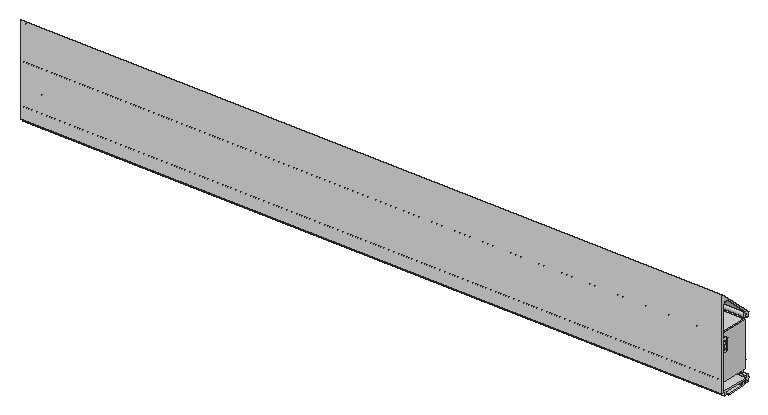
Revit family "Lighting-Current-COVE30", category Lighting Fixtures, host Face, Revit 2019 (continued)
Types in the file's own list only (120): name | Photometric Web File | Length | Emit from Circle Diameter | Default Elevation | Cove | Contact Us | CS | Apparent Load
  30L-CC-AI-4-35K9-I050_Position_6 | "30L-CC-AI-4-35K9-I050_Position_6.ies" | 48.000 " | 1.460 " | 48.000 " | Cove | "https://www.currentlighting.com/contact-us\r\n\r\nhttps://www.currentlighting.com/contact-us\r\n\r\nhttps://www.currentlighting.com/contact-us\r\n\r\nhttps://www.currentlighting.com/contact-us\r\n\r\nhttps://www.currentlighting.com/contact-us" | Knife-Edge | 16 W
  30L-CC-AI-4-35K9-I050_Position_7 | "30L-CC-AI-4-35K9-I050_Position_7.ies" | 48.000 " | 1.460 " | 48.000 " | Cove | "https://www.currentlighting.com/contact-us\r\n\r\nhttps://www.currentlighting.com/contact-us\r\n\r\nhttps://www.currentlighting.com/contact-us\r\n\r\nhttps://www.currentlighting.com/contact-us\r\n\r\nhttps://www.currentlighting.com/contact-us" | Knife-Edge | 16 W
  30L-CC-AI-4-35K9-I050_Position_8 | "30L-CC-AI-4-35K9-I050_Position_8.ies" | 48.000 " | 1.460 " | 48.000 " | Cove | "https://www.currentlighting.com/contact-us\r\n\r\nhttps://www.currentlighting.com/contact-us\r\n\r\nhttps://www.currentlighting.com/contact-us\r\n\r\nhttps://www.currentlighting.com/contact-us\r\n\r\nhttps://www.currentlighting.com/contact-us" | Knife-Edge | 16 W
  30L-CC-AI-4-35K9-I055_Position_1 | "30L-CC-AI-4-35K9-I055_Position_1.ies" | 48.000 " | 1.460 " | 48.000 " | Cove | "https://www.currentlighting.com/contact-us\r\n\r\nhttps://www.currentlighting.com/contact-us\r\n\r\nhttps://www.currentlighting.com/contact-us\r\n\r\nhttps://www.currentlighting.com/contact-us\r\n\r\nhttps://www.currentlighting.com/contact-us" | Knife-Edge | 18 W
  30L-CC-AI-4-35K9-I055_Position_2 | "30L-CC-AI-4-35K9-I055_Position_2.ies" | 48.000 " | 1.460 " | 48.000 " | Cove | "https://www.currentlighting.com/contact-us\r\n\r\nhttps://www.currentlighting.com/contact-us\r\n\r\nhttps://www.currentlighting.com/contact-us\r\n\r\nhttps://www.currentlighting.com/contact-us\r\n\r\nhttps://www.currentlighting.com/contact-us" | Knife-Edge | 18 W
  30L-CC-AI-4-35K9-I055_Position_3 | "30L-CC-AI-4-35K9-I055_Position_3.ies" | 48.000 " | 1.460 " | 48.000 " | Cove | "https://www.currentlighting.com/contact-us\r\n\r\nhttps://www.currentlighting.com/contact-us\r\n\r\nhttps://www.currentlighting.com/contact-us\r\n\r\nhttps://www.currentlighting.com/contact-us\r\n\r\nhttps://www.currentlighting.com/contact-us" | Knife-Edge | 18 W
  30L-CC-AI-4-35K9-I055_Position_4 | "30L-CC-AI-4-35K9-I055_Position_4.ies" | 48.000 " | 1.460 " | 48.000 " | Cove | "https://www.currentlighting.com/contact-us\r\n\r\nhttps://www.currentlighting.com/contact-us\r\n\r\nhttps://www.currentlighting.com/contact-us\r\n\r\nhttps://www.currentlighting.com/contact-us\r\n\r\nhttps://www.currentlighting.com/contact-us" | Knife-Edge | 18 W
  30L-CC-AI-4-35K9-I055_Position_5 | "30L-CC-AI-4-35K9-I055_Position_5.ies" | 48.000 " | 1.460 " | 48.000 " | Cove | "https://www.currentlighting.com/contact-us\r\n\r\nhttps://www.currentlighting.com/contact-us\r\n\r\nhttps://www.currentlighting.com/contact-us\r\n\r\nhttps://www.currentlighting.com/contact-us\r\n\r\nhttps://www.currentlighting.com/contact-us" | Knife-Edge | 18 W
  30L-CC-AI-4-35K9-I055_Position_6 | "30L-CC-AI-4-35K9-I055_Position_6.ies" | 48.000 " | 1.460 " | 48.000 " | Cove | "https://www.currentlighting.com/contact-us\r\n\r\nhttps://www.currentlighting.com/contact-us\r\n\r\nhttps://www.currentlighting.com/contact-us\r\n\r\nhttps://www.currentlighting.com/contact-us\r\n\r\nhttps://www.currentlighting.com/contact-us" | Knife-Edge | 18 W
  30L-CC-AI-4-35K9-I055_Position_7 | "30L-CC-AI-4-35K9-I055_Position_7.ies" | 48.000 " | 1.460 " | 48.000 " | Cove | "https://www.currentlighting.com/contact-us\r\n\r\nhttps://www.currentlighting.com/contact-us\r\n\r\nhttps://www.currentlighting.com/contact-us\r\n\r\nhttps://www.currentlighting.com/contact-us\r\n\r\nhttps://www.currentlighting.com/contact-us" | Knife-Edge | 18 W
  30L-CC-AI-4-35K9-I055_Position_8 | "30L-CC-AI-4-35K9-I055_Position_8.ies" | 48.000 " | 1.460 " | 48.000 " | Cove | "https://www.currentlighting.com/contact-us\r\n\r\nhttps://www.currentlighting.com/contact-us\r\n\r\nhttps://www.currentlighting.com/contact-us\r\n\r\nhttps://www.currentlighting.com/contact-us\r\n\r\nhttps://www.currentlighting.com/contact-us" | Knife-Edge | 18 W
  30L-CC-AI-4-35K9-I060_Position_1 | "30L-CC-AI-4-35K9-I060_Position_1.ies" | 48.000 " | 1.460 " | 48.000 " | Cove | "https://www.currentlighting.com/contact-us\r\n\r\nhttps://www.currentlighting.com/contact-us\r\n\r\nhttps://www.currentlighting.com/contact-us\r\n\r\nhttps://www.currentlighting.com/contact-us\r\n\r\nhttps://www.currentlighting.com/contact-us" | Knife-Edge | 20 W
  30L-CC-AI-4-35K9-I060_Position_2 | "30L-CC-AI-4-35K9-I060_Position_2.ies" | 48.000 " | 1.460 " | 48.000 " | Cove | "https://www.currentlighting.com/contact-us\r\n\r\nhttps://www.currentlighting.com/contact-us\r\n\r\nhttps://www.currentlighting.com/contact-us\r\n\r\nhttps://www.currentlighting.com/contact-us\r\n\r\nhttps://www.currentlighting.com/contact-us" | Knife-Edge | 20 W
  30L-CC-AI-4-35K9-I060_Position_3 | "30L-CC-AI-4-35K9-I060_Position_3.ies" | 48.000 " | 1.460 " | 48.000 " | Cove | "https://www.currentlighting.com/contact-us\r\n\r\nhttps://www.currentlighting.com/contact-us\r\n\r\nhttps://www.currentlighting.com/contact-us\r\n\r\nhttps://www.currentlighting.com/contact-us\r\n\r\nhttps://www.currentlighting.com/contact-us" | Knife-Edge | 20 W
  30L-CC-AI-4-35K9-I060_Position_4 | "30L-CC-AI-4-35K9-I060_Position_4.ies" | 48.000 " | 1.460 " | 48.000 " | Cove | "https://www.currentlighting.com/contact-us\r\n\r\nhttps://www.currentlighting.com/contact-us\r\n\r\nhttps://www.currentlighting.com/contact-us\r\n\r\nhttps://www.currentlighting.com/contact-us\r\n\r\nhttps://www.currentlighting.com/contact-us" | Knife-Edge | 20 W
  30L-CC-AI-4-35K9-I060_Position_5 | "30L-CC-AI-4-35K9-I060_Position_5.ies" | 48.000 " | 1.460 " | 48.000 " | Cove | "https://www.currentlighting.com/contact-us\r\n\r\nhttps://www.currentlighting.com/contact-us\r\n\r\nhttps://www.currentlighting.com/contact-us\r\n\r\nhttps://www.currentlighting.com/contact-us\r\n\r\nhttps://www.currentlighting.com/contact-us" | Knife-Edge | 20 W
  30L-CC-AI-4-35K9-I060_Position_6 | "30L-CC-AI-4-35K9-I060_Position_6.ies" | 48.000 " | 1.460 " | 48.000 " | Cove | "https://www.currentlighting.com/contact-us\r\n\r\nhttps://www.currentlighting.com/contact-us\r\n\r\nhttps://www.currentlighting.com/contact-us\r\n\r\nhttps://www.currentlighting.com/contact-us\r\n\r\nhttps://www.currentlighting.com/contact-us" | Knife-Edge | 20 W
  30L-CC-AI-4-35K9-I060_Position_7 | "30L-CC-AI-4-35K9-I060_Position_7.ies" | 48.000 " | 1.460 " | 48.000 " | Cove | "https://www.currentlighting.com/contact-us\r\n\r\nhttps://www.currentlighting.com/contact-us\r\n\r\nhttps://www.currentlighting.com/contact-us\r\n\r\nhttps://www.currentlighting.com/contact-us\r\n\r\nhttps://www.currentlighting.com/contact-us" | Knife-Edge | 20 W
  30L-CC-AI-4-35K9-I060_Position_8 | "30L-CC-AI-4-35K9-I060_Position_8.ies" | 48.000 " | 1.460 " | 48.000 " | Cove | "https://www.currentlighting.com/contact-us\r\n\r\nhttps://www.currentlighting.com/contact-us\r\n\r\nhttps://www.currentlighting.com/contact-us\r\n\r\nhttps://www.currentlighting.com/contact-us\r\n\r\nhttps://www.currentlighting.com/contact-us" | Knife-Edge | 20 W
  30L-CC-AI-4-35K9-I065_Position_1 | "30L-CC-AI-4-35K9-I065_Position_1.ies" | 48.000 " | 1.460 " | 48.000 " | Cove | "https://www.currentlighting.com/contact-us\r\n\r\nhttps://www.currentlighting.com/contact-us\r\n\r\nhttps://www.currentlighting.com/contact-us\r\n\r\nhttps://www.currentlighting.com/contact-us\r\n\r\nhttps://www.currentlighting.com/contact-us" | Knife-Edge | 22 W
  30L-CC-AI-4-35K9-I065_Position_2 | "30L-CC-AI-4-35K9-I065_Position_2.ies" | 48.000 " | 1.460 " | 48.000 " | Cove | "https://www.currentlighting.com/contact-us\r\n\r\nhttps://www.currentlighting.com/contact-us\r\n\r\nhttps://www.currentlighting.com/contact-us\r\n\r\nhttps://www.currentlighting.com/contact-us\r\n\r\nhttps://www.currentlighting.com/contact-us" | Knife-Edge | 22 W
  30L-CC-AI-4-35K9-I065_Position_3 | "30L-CC-AI-4-35K9-I065_Position_3.ies" | 48.000 " | 1.460 " | 48.000 " | Cove | "https://www.currentlighting.com/contact-us\r\n\r\nhttps://www.currentlighting.com/contact-us\r\n\r\nhttps://www.currentlighting.com/contact-us\r\n\r\nhttps://www.currentlighting.com/contact-us\r\n\r\nhttps://www.currentlighting.com/contact-us" | Knife-Edge | 22 W
  30L-CC-AI-4-35K9-I065_Position_4 | "30L-CC-AI-4-35K9-I065_Position_4.ies" | 48.000 " | 1.460 " | 48.000 " | Cove | "https://www.currentlighting.com/contact-us\r\n\r\nhttps://www.currentlighting.com/contact-us\r\n\r\nhttps://www.currentlighting.com/contact-us\r\n\r\nhttps://www.currentlighting.com/contact-us\r\n\r\nhttps://www.currentlighting.com/contact-us" | Knife-Edge | 22 W
  30L-CC-AI-4-35K9-I065_Position_5 | "30L-CC-AI-4-35K9-I065_Position_5.ies" | 48.000 " | 1.460 " | 48.000 " | Cove | "https://www.currentlighting.com/contact-us\r\n\r\nhttps://www.currentlighting.com/contact-us\r\n\r\nhttps://www.currentlighting.com/contact-us\r\n\r\nhttps://www.currentlighting.com/contact-us\r\n\r\nhttps://www.currentlighting.com/contact-us" | Knife-Edge | 22 W
  30L-CC-AI-4-35K9-I065_Position_6 | "30L-CC-AI-4-35K9-I065_Position_6.ies" | 48.000 " | 1.460 " | 48.000 " | Cove | "https://www.currentlighting.com/contact-us\r\n\r\nhttps://www.currentlighting.com/contact-us\r\n\r\nhttps://www.currentlighting.com/contact-us\r\n\r\nhttps://www.currentlighting.com/contact-us\r\n\r\nhttps://www.currentlighting.com/contact-us" | Knife-Edge | 22 W
  30L-CC-AI-4-35K9-I065_Position_7 | "30L-CC-AI-4-35K9-I065_Position_7.ies" | 48.000 " | 1.460 " | 48.000 " | Cove | "https://www.currentlighting.com/contact-us\r\n\r\nhttps://www.currentlighting.com/contact-us\r\n\r\nhttps://www.currentlighting.com/contact-us\r\n\r\nhttps://www.currentlighting.com/contact-us\r\n\r\nhttps://www.currentlighting.com/contact-us" | Knife-Edge | 22 W
  30L-CC-AI-4-35K9-I065_Position_8 | "30L-CC-AI-4-35K9-I065_Position_8.ies" | 48.000 " | 1.460 " | 48.000 " | Cove | "https://www.currentlighting.com/contact-us\r\n\r\nhttps://www.currentlighting.com/contact-us\r\n\r\nhttps://www.currentlighting.com/contact-us\r\n\r\nhttps://www.currentlighting.com/contact-us\r\n\r\nhttps://www.currentlighting.com/contact-us" | Knife-Edge | 22 W
  30L-CC-AI-4-35K9-I070_Position_1 | "30L-CC-AI-4-35K9-I070_Position_1.ies" | 48.000 " | 1.460 " | 48.000 " | Cove | "https://www.currentlighting.com/contact-us\r\n\r\nhttps://www.currentlighting.com/contact-us\r\n\r\nhttps://www.currentlighting.com/contact-us\r\n\r\nhttps://www.currentlighting.com/contact-us\r\n\r\nhttps://www.currentlighting.com/contact-us" | Knife-Edge | 23 W
  30L-CC-AI-4-35K9-I070_Position_2 | "30L-CC-AI-4-35K9-I070_Position_2.ies" | 48.000 " | 1.460 " | 48.000 " | Cove | "https://www.currentlighting.com/contact-us\r\n\r\nhttps://www.currentlighting.com/contact-us\r\n\r\nhttps://www.currentlighting.com/contact-us\r\n\r\nhttps://www.currentlighting.com/contact-us\r\n\r\nhttps://www.currentlighting.com/contact-us" | Knife-Edge | 23 W
  30L-CC-AI-4-35K9-I070_Position_3 | "30L-CC-AI-4-35K9-I070_Position_3.ies" | 48.000 " | 1.460 " | 48.000 " | Cove | "https://www.currentlighting.com/contact-us\r\n\r\nhttps://www.currentlighting.com/contact-us\r\n\r\nhttps://www.currentlighting.com/contact-us\r\n\r\nhttps://www.currentlighting.com/contact-us\r\n\r\nhttps://www.currentlighting.com/contact-us" | Knife-Edge | 23 W
  30L-CC-AI-4-35K9-I070_Position_4 | "30L-CC-AI-4-35K9-I070_Position_4.ies" | 48.000 " | 1.460 " | 48.000 " | Cove | "https://www.currentlighting.com/contact-us\r\n\r\nhttps://www.currentlighting.com/contact-us\r\n\r\nhttps://www.currentlighting.com/contact-us\r\n\r\nhttps://www.currentlighting.com/contact-us\r\n\r\nhttps://www.currentlighting.com/contact-us" | Knife-Edge | 23 W
  30L-CC-AI-4-35K9-I070_Position_5 | "30L-CC-AI-4-35K9-I070_Position_5.ies" | 48.000 " | 1.460 " | 48.000 " | Cove | "https://www.currentlighting.com/contact-us\r\n\r\nhttps://www.currentlighting.com/contact-us\r\n\r\nhttps://www.currentlighting.com/contact-us\r\n\r\nhttps://www.currentlighting.com/contact-us\r\n\r\nhttps://www.currentlighting.com/contact-us" | Knife-Edge | 23 W
  30L-CC-AI-4-35K9-I070_Position_6 | "30L-CC-AI-4-35K9-I070_Position_6.ies" | 48.000 " | 1.460 " | 48.000 " | Cove | "https://www.currentlighting.com/contact-us\r\n\r\nhttps://www.currentlighting.com/contact-us\r\n\r\nhttps://www.currentlighting.com/contact-us\r\n\r\nhttps://www.currentlighting.com/contact-us\r\n\r\nhttps://www.currentlighting.com/contact-us" | Knife-Edge | 23 W
  30L-CC-AI-4-35K9-I070_Position_7 | "30L-CC-AI-4-35K9-I070_Position_7.ies" | 48.000 " | 1.460 " | 48.000 " | Cove | "https://www.currentlighting.com/contact-us\r\n\r\nhttps://www.currentlighting.com/contact-us\r\n\r\nhttps://www.currentlighting.com/contact-us\r\n\r\nhttps://www.currentlighting.com/contact-us\r\n\r\nhttps://www.currentlighting.com/contact-us" | Knife-Edge | 23 W
  30L-CC-AI-4-35K9-I070_Position_8 | "30L-CC-AI-4-35K9-I070_Position_8.ies" | 48.000 " | 1.460 " | 48.000 " | Cove | "https://www.currentlighting.com/contact-us\r\n\r\nhttps://www.currentlighting.com/contact-us\r\n\r\nhttps://www.currentlighting.com/contact-us\r\n\r\nhttps://www.currentlighting.com/contact-us\r\n\r\nhttps://www.currentlighting.com/contact-us" | Knife-Edge | 23 W
  30L-CC-AI-4-35K9-I075_Position_1 | "30L-CC-AI-4-35K9-I075_Position_1.ies" | 48.000 " | 1.460 " | 48.000 " | Cove | "https://www.currentlighting.com/contact-us\r\n\r\nhttps://www.currentlighting.com/contact-us\r\n\r\nhttps://www.currentlighting.com/contact-us\r\n\r\nhttps://www.currentlighting.com/contact-us\r\n\r\nhttps://www.currentlighting.com/contact-us" | Knife-Edge | 25 W
  30L-CC-AI-4-35K9-I075_Position_2 | "30L-CC-AI-4-35K9-I075_Position_2.ies" | 48.000 " | 1.460 " | 48.000 " | Cove | "https://www.currentlighting.com/contact-us\r\n\r\nhttps://www.currentlighting.com/contact-us\r\n\r\nhttps://www.currentlighting.com/contact-us\r\n\r\nhttps://www.currentlighting.com/contact-us\r\n\r\nhttps://www.currentlighting.com/contact-us" | Knife-Edge | 25 W
  30L-CC-AI-4-35K9-I075_Position_3 | "30L-CC-AI-4-35K9-I075_Position_3.ies" | 48.000 " | 1.460 " | 48.000 " | Cove | "https://www.currentlighting.com/contact-us\r\n\r\nhttps://www.currentlighting.com/contact-us\r\n\r\nhttps://www.currentlighting.com/contact-us\r\n\r\nhttps://www.currentlighting.com/contact-us\r\n\r\nhttps://www.currentlighting.com/contact-us" | Knife-Edge | 25 W
  30L-CC-AI-4-35K9-I075_Position_4 | "30L-CC-AI-4-35K9-I075_Position_4.ies" | 48.000 " | 1.460 " | 48.000 " | Cove | "https://www.currentlighting.com/contact-us\r\n\r\nhttps://www.currentlighting.com/contact-us\r\n\r\nhttps://www.currentlighting.com/contact-us\r\n\r\nhttps://www.currentlighting.com/contact-us\r\n\r\nhttps://www.currentlighting.com/contact-us" | Knife-Edge | 25 W
  30L-CC-AI-4-35K9-I075_Position_5 | "30L-CC-AI-4-35K9-I075_Position_5.ies" | 48.000 " | 1.460 " | 48.000 " | Cove | "https://www.currentlighting.com/contact-us\r\n\r\nhttps://www.currentlighting.com/contact-us\r\n\r\nhttps://www.currentlighting.com/contact-us\r\n\r\nhttps://www.currentlighting.com/contact-us\r\n\r\nhttps://www.currentlighting.com/contact-us" | Knife-Edge | 25 W
  30L-CC-AI-4-35K9-I075_Position_6 | "30L-CC-AI-4-35K9-I075_Position_6.ies" | 48.000 " | 1.460 " | 48.000 " | Cove | "https://www.currentlighting.com/contact-us\r\n\r\nhttps://www.currentlighting.com/contact-us\r\n\r\nhttps://www.currentlighting.com/contact-us\r\n\r\nhttps://www.currentlighting.com/contact-us\r\n\r\nhttps://www.currentlighting.com/contact-us" | Knife-Edge | 25 W
  30L-CC-AI-4-35K9-I075_Position_7 | "30L-CC-AI-4-35K9-I075_Position_7.ies" | 48.000 " | 1.460 " | 48.000 " | Cove | "https://www.currentlighting.com/contact-us\r\n\r\nhttps://www.currentlighting.com/contact-us\r\n\r\nhttps://www.currentlighting.com/contact-us\r\n\r\nhttps://www.currentlighting.com/contact-us\r\n\r\nhttps://www.currentlighting.com/contact-us" | Knife-Edge | 25 W
  30L-CC-AI-4-35K9-I075_Position_8 | "30L-CC-AI-4-35K9-I075_Position_8.ies" | 48.000 " | 1.460 " | 48.000 " | Cove | "https://www.currentlighting.com/contact-us\r\n\r\nhttps://www.currentlighting.com/contact-us\r\n\r\nhttps://www.currentlighting.com/contact-us\r\n\r\nhttps://www.currentlighting.com/contact-us\r\n\r\nhttps://www.currentlighting.com/contact-us" | Knife-Edge | 25 W
  30L-CC-AI-4-35K9-I080_Position_1 | "30L-CC-AI-4-35K9-I080_Position_1.ies" | 48.000 " | 1.460 " | 48.000 " | Cove | "https://www.currentlighting.com/contact-us\r\n\r\nhttps://www.currentlighting.com/contact-us\r\n\r\nhttps://www.currentlighting.com/contact-us\r\n\r\nhttps://www.currentlighting.com/contact-us\r\n\r\nhttps://www.currentlighting.com/contact-us" | Knife-Edge | 27 W
  30L-CC-AI-4-35K9-I080_Position_2 | "30L-CC-AI-4-35K9-I080_Position_2.ies" | 48.000 " | 1.460 " | 48.000 " | Cove | "https://www.currentlighting.com/contact-us\r\n\r\nhttps://www.currentlighting.com/contact-us\r\n\r\nhttps://www.currentlighting.com/contact-us\r\n\r\nhttps://www.currentlighting.com/contact-us\r\n\r\nhttps://www.currentlighting.com/contact-us" | Knife-Edge | 27 W
  30L-CC-AI-4-35K9-I080_Position_3 | "30L-CC-AI-4-35K9-I080_Position_3.ies" | 48.000 " | 1.460 " | 48.000 " | Cove | "https://www.currentlighting.com/contact-us\r\n\r\nhttps://www.currentlighting.com/contact-us\r\n\r\nhttps://www.currentlighting.com/contact-us\r\n\r\nhttps://www.currentlighting.com/contact-us\r\n\r\nhttps://www.currentlighting.com/contact-us" | Knife-Edge | 27 W
  30L-CC-AI-4-35K9-I080_Position_4 | "30L-CC-AI-4-35K9-I080_Position_4.ies" | 48.000 " | 1.460 " | 48.000 " | Cove | "https://www.currentlighting.com/contact-us\r\n\r\nhttps://www.currentlighting.com/contact-us\r\n\r\nhttps://www.currentlighting.com/contact-us\r\n\r\nhttps://www.currentlighting.com/contact-us\r\n\r\nhttps://www.currentlighting.com/contact-us" | Knife-Edge | 27 W
  30L-CC-AI-4-35K9-I080_Position_5 | "30L-CC-AI-4-35K9-I080_Position_5.ies" | 48.000 " | 1.460 " | 48.000 " | Cove | "https://www.currentlighting.com/contact-us\r\n\r\nhttps://www.currentlighting.com/contact-us\r\n\r\nhttps://www.currentlighting.com/contact-us\r\n\r\nhttps://www.currentlighting.com/contact-us\r\n\r\nhttps://www.currentlighting.com/contact-us" | Knife-Edge | 27 W
  30L-CC-AI-4-35K9-I080_Position_6 | "30L-CC-AI-4-35K9-I080_Position_6.ies" | 48.000 " | 1.460 " | 48.000 " | Cove | "https://www.currentlighting.com/contact-us\r\n\r\nhttps://www.currentlighting.com/contact-us\r\n\r\nhttps://www.currentlighting.com/contact-us\r\n\r\nhttps://www.currentlighting.com/contact-us\r\n\r\nhttps://www.currentlighting.com/contact-us" | Knife-Edge | 27 W
  30L-CC-AI-4-35K9-I080_Position_7 | "30L-CC-AI-4-35K9-I080_Position_7.ies" | 48.000 " | 1.460 " | 48.000 " | Cove | "https://www.currentlighting.com/contact-us\r\n\r\nhttps://www.currentlighting.com/contact-us\r\n\r\nhttps://www.currentlighting.com/contact-us\r\n\r\nhttps://www.currentlighting.com/contact-us\r\n\r\nhttps://www.currentlighting.com/contact-us" | Knife-Edge | 27 W
  30L-CC-AI-4-35K9-I080_Position_8 | "30L-CC-AI-4-35K9-I080_Position_8.ies" | 48.000 " | 1.460 " | 48.000 " | Cove | "https://www.currentlighting.com/contact-us\r\n\r\nhttps://www.currentlighting.com/contact-us\r\n\r\nhttps://www.currentlighting.com/contact-us\r\n\r\nhttps://www.currentlighting.com/contact-us\r\n\r\nhttps://www.currentlighting.com/contact-us" | Knife-Edge | 27 W
  30L-CC-AI-4-35K9-I085_Position_1 | "30L-CC-AI-4-35K9-I085_Position_1.ies" | 48.000 " | 1.460 " | 48.000 " | Cove | "https://www.currentlighting.com/contact-us\r\n\r\nhttps://www.currentlighting.com/contact-us\r\n\r\nhttps://www.currentlighting.com/contact-us\r\n\r\nhttps://www.currentlighting.com/contact-us\r\n\r\nhttps://www.currentlighting.com/contact-us" | Knife-Edge | 29 W
  30L-CC-AI-4-35K9-I085_Position_2 | "30L-CC-AI-4-35K9-I085_Position_2.ies" | 48.000 " | 1.460 " | 48.000 " | Cove | "https://www.currentlighting.com/contact-us\r\n\r\nhttps://www.currentlighting.com/contact-us\r\n\r\nhttps://www.currentlighting.com/contact-us\r\n\r\nhttps://www.currentlighting.com/contact-us\r\n\r\nhttps://www.currentlighting.com/contact-us" | Knife-Edge | 29 W
  30L-CC-AI-4-35K9-I085_Position_3 | "30L-CC-AI-4-35K9-I085_Position_3.ies" | 48.000 " | 1.460 " | 48.000 " | Cove | "https://www.currentlighting.com/contact-us\r\n\r\nhttps://www.currentlighting.com/contact-us\r\n\r\nhttps://www.currentlighting.com/contact-us\r\n\r\nhttps://www.currentlighting.com/contact-us\r\n\r\nhttps://www.currentlighting.com/contact-us" | Knife-Edge | 29 W
  30L-CC-AI-4-35K9-I085_Position_4 | "30L-CC-AI-4-35K9-I085_Position_4.ies" | 48.000 " | 1.460 " | 48.000 " | Cove | "https://www.currentlighting.com/contact-us\r\n\r\nhttps://www.currentlighting.com/contact-us\r\n\r\nhttps://www.currentlighting.com/contact-us\r\n\r\nhttps://www.currentlighting.com/contact-us\r\n\r\nhttps://www.currentlighting.com/contact-us" | Knife-Edge | 29 W
  30L-CC-AI-4-35K9-I085_Position_5 | "30L-CC-AI-4-35K9-I085_Position_5.ies" | 48.000 " | 1.460 " | 48.000 " | Cove | "https://www.currentlighting.com/contact-us\r\n\r\nhttps://www.currentlighting.com/contact-us\r\n\r\nhttps://www.currentlighting.com/contact-us\r\n\r\nhttps://www.currentlighting.com/contact-us\r\n\r\nhttps://www.currentlighting.com/contact-us" | Knife-Edge | 29 W
  30L-CC-AI-4-35K9-I085_Position_6 | "30L-CC-AI-4-35K9-I085_Position_6.ies" | 48.000 " | 1.460 " | 48.000 " | Cove | "https://www.currentlighting.com/contact-us\r\n\r\nhttps://www.currentlighting.com/contact-us\r\n\r\nhttps://www.currentlighting.com/contact-us\r\n\r\nhttps://www.currentlighting.com/contact-us\r\n\r\nhttps://www.currentlighting.com/contact-us" | Knife-Edge | 29 W
  30L-CC-AI-4-35K9-I085_Position_7 | "30L-CC-AI-4-35K9-I085_Position_7.ies" | 48.000 " | 1.460 " | 48.000 " | Cove | "https://www.currentlighting.com/contact-us\r\n\r\nhttps://www.currentlighting.com/contact-us\r\n\r\nhttps://www.currentlighting.com/contact-us\r\n\r\nhttps://www.currentlighting.com/contact-us\r\n\r\nhttps://www.currentlighting.com/contact-us" | Knife-Edge | 29 W
  30L-CC-AI-4-35K9-I085_Position_8 | "30L-CC-AI-4-35K9-I085_Position_8.ies" | 48.000 " | 1.460 " | 48.000 " | Cove | "https://www.currentlighting.com/contact-us\r\n\r\nhttps://www.currentlighting.com/contact-us\r\n\r\nhttps://www.currentlighting.com/contact-us\r\n\r\nhttps://www.currentlighting.com/contact-us\r\n\r\nhttps://www.currentlighting.com/contact-us" | Knife-Edge | 29 W
  30L-CC-AI-4-35K9-I090_Position_1 | "30L-CC-AI-4-35K9-I090_Position_1.ies" | 48.000 " | 1.460 " | 48.000 " | Cove | "https://www.currentlighting.com/contact-us\r\n\r\nhttps://www.currentlighting.com/contact-us\r\n\r\nhttps://www.currentlighting.com/contact-us\r\n\r\nhttps://www.currentlighting.com/contact-us\r\n\r\nhttps://www.currentlighting.com/contact-us" | Knife-Edge | 31 W
  30L-CC-AI-4-35K9-I090_Position_2 | "30L-CC-AI-4-35K9-I090_Position_2.ies" | 48.000 " | 1.460 " | 48.000 " | Cove | "https://www.currentlighting.com/contact-us\r\n\r\nhttps://www.currentlighting.com/contact-us\r\n\r\nhttps://www.currentlighting.com/contact-us\r\n\r\nhttps://www.currentlighting.com/contact-us\r\n\r\nhttps://www.currentlighting.com/contact-us" | Knife-Edge | 31 W
  30L-CC-AI-4-35K9-I090_Position_3 | "30L-CC-AI-4-35K9-I090_Position_3.ies" | 48.000 " | 1.460 " | 48.000 " | Cove | "https://www.currentlighting.com/contact-us\r\n\r\nhttps://www.currentlighting.com/contact-us\r\n\r\nhttps://www.currentlighting.com/contact-us\r\n\r\nhttps://www.currentlighting.com/contact-us\r\n\r\nhttps://www.currentlighting.com/contact-us" | Knife-Edge | 31 W
  30L-CC-AI-4-35K9-I090_Position_4 | "30L-CC-AI-4-35K9-I090_Position_4.ies" | 48.000 " | 1.460 " | 48.000 " | Cove | "https://www.currentlighting.com/contact-us\r\n\r\nhttps://www.currentlighting.com/contact-us\r\n\r\nhttps://www.currentlighting.com/contact-us\r\n\r\nhttps://www.currentlighting.com/contact-us\r\n\r\nhttps://www.currentlighting.com/contact-us" | Knife-Edge | 31 W
  30L-CC-AI-4-35K9-I090_Position_5 | "30L-CC-AI-4-35K9-I090_Position_5.ies" | 48.000 " | 1.460 " | 48.000 " | Cove | "https://www.currentlighting.com/contact-us\r\n\r\nhttps://www.currentlighting.com/contact-us\r\n\r\nhttps://www.currentlighting.com/contact-us\r\n\r\nhttps://www.currentlighting.com/contact-us\r\n\r\nhttps://www.currentlighting.com/contact-us" | Knife-Edge | 31 W
  30L-CC-AI-4-35K9-I090_Position_6 | "30L-CC-AI-4-35K9-I090_Position_6.ies" | 48.000 " | 1.460 " | 48.000 " | Cove | "https://www.currentlighting.com/contact-us\r\n\r\nhttps://www.currentlighting.com/contact-us\r\n\r\nhttps://www.currentlighting.com/contact-us\r\n\r\nhttps://www.currentlighting.com/contact-us\r\n\r\nhttps://www.currentlighting.com/contact-us" | Knife-Edge | 31 W
  30L-CC-AI-4-35K9-I090_Position_7 | "30L-CC-AI-4-35K9-I090_Position_7.ies" | 48.000 " | 1.460 " | 48.000 " | Cove | "https://www.currentlighting.com/contact-us\r\n\r\nhttps://www.currentlighting.com/contact-us\r\n\r\nhttps://www.currentlighting.com/contact-us\r\n\r\nhttps://www.currentlighting.com/contact-us\r\n\r\nhttps://www.currentlighting.com/contact-us" | Knife-Edge | 31 W
  30L-CC-AI-4-35K9-I090_Position_8 | "30L-CC-AI-4-35K9-I090_Position_8.ies" | 48.000 " | 1.460 " | 48.000 " | Cove | "https://www.currentlighting.com/contact-us\r\n\r\nhttps://www.currentlighting.com/contact-us\r\n\r\nhttps://www.currentlighting.com/contact-us\r\n\r\nhttps://www.currentlighting.com/contact-us\r\n\r\nhttps://www.currentlighting.com/contact-us" | Knife-Edge | 31 W
  30L-CC-AI-4-35K9-I095_Position_1 | "30L-CC-AI-4-35K9-I095_Position_1.ies" | 48.000 " | 1.460 " | 48.000 " | Cove | "https://www.currentlighting.com/contact-us\r\n\r\nhttps://www.currentlighting.com/contact-us\r\n\r\nhttps://www.currentlighting.com/contact-us\r\n\r\nhttps://www.currentlighting.com/contact-us\r\n\r\nhttps://www.currentlighting.com/contact-us" | Knife-Edge | 33 W
  30L-CC-AI-4-35K9-I095_Position_2 | "30L-CC-AI-4-35K9-I095_Position_2.ies" | 48.000 " | 1.460 " | 48.000 " | Cove | "https://www.currentlighting.com/contact-us\r\n\r\nhttps://www.currentlighting.com/contact-us\r\n\r\nhttps://www.currentlighting.com/contact-us\r\n\r\nhttps://www.currentlighting.com/contact-us\r\n\r\nhttps://www.currentlighting.com/contact-us" | Knife-Edge | 33 W
  30L-CC-AI-4-35K9-I095_Position_3 | "30L-CC-AI-4-35K9-I095_Position_3.ies" | 48.000 " | 1.460 " | 48.000 " | Cove | "https://www.currentlighting.com/contact-us\r\n\r\nhttps://www.currentlighting.com/contact-us\r\n\r\nhttps://www.currentlighting.com/contact-us\r\n\r\nhttps://www.currentlighting.com/contact-us\r\n\r\nhttps://www.currentlighting.com/contact-us" | Knife-Edge | 33 W
  30L-CC-AI-4-35K9-I095_Position_4 | "30L-CC-AI-4-35K9-I095_Position_4.ies" | 48.000 " | 1.460 " | 48.000 " | Cove | "https://www.currentlighting.com/contact-us\r\n\r\nhttps://www.currentlighting.com/contact-us\r\n\r\nhttps://www.currentlighting.com/contact-us\r\n\r\nhttps://www.currentlighting.com/contact-us\r\n\r\nhttps://www.currentlighting.com/contact-us" | Knife-Edge | 33 W
  30L-CC-AI-4-35K9-I095_Position_5 | "30L-CC-AI-4-35K9-I095_Position_5.ies" | 48.000 " | 1.460 " | 48.000 " | Cove | "https://www.currentlighting.com/contact-us\r\n\r\nhttps://www.currentlighting.com/contact-us\r\n\r\nhttps://www.currentlighting.com/contact-us\r\n\r\nhttps://www.currentlighting.com/contact-us\r\n\r\nhttps://www.currentlighting.com/contact-us" | Knife-Edge | 33 W
  30L-CC-AI-4-35K9-I095_Position_6 | "30L-CC-AI-4-35K9-I095_Position_6.ies" | 48.000 " | 1.460 " | 48.000 " | Cove | "https://www.currentlighting.com/contact-us\r\n\r\nhttps://www.currentlighting.com/contact-us\r\n\r\nhttps://www.currentlighting.com/contact-us\r\n\r\nhttps://www.currentlighting.com/contact-us\r\n\r\nhttps://www.currentlighting.com/contact-us" | Knife-Edge | 33 W
  30L-CC-AI-4-35K9-I095_Position_7 | "30L-CC-AI-4-35K9-I095_Position_7.ies" | 48.000 " | 1.460 " | 48.000 " | Cove | "https://www.currentlighting.com/contact-us\r\n\r\nhttps://www.currentlighting.com/contact-us\r\n\r\nhttps://www.currentlighting.com/contact-us\r\n\r\nhttps://www.currentlighting.com/contact-us\r\n\r\nhttps://www.currentlighting.com/contact-us" | Knife-Edge | 33 W
  30L-CC-AI-4-35K9-I095_Position_8 | "30L-CC-AI-4-35K9-I095_Position_8.ies" | 48.000 " | 1.460 " | 48.000 " | Cove | "https://www.currentlighting.com/contact-us\r\n\r\nhttps://www.currentlighting.com/contact-us\r\n\r\nhttps://www.currentlighting.com/contact-us\r\n\r\nhttps://www.currentlighting.com/contact-us\r\n\r\nhttps://www.currentlighting.com/contact-us" | Knife-Edge | 33 W
  30L-CC-AI-4-35K9-I100_Position_1 | "30L-CC-AI-4-35K9-I100_Position_1.ies" | 48.000 " | 1.460 " | 48.000 " | Cove | "https://www.currentlighting.com/contact-us\r\n\r\nhttps://www.currentlighting.com/contact-us\r\n\r\nhttps://www.currentlighting.com/contact-us\r\n\r\nhttps://www.currentlighting.com/contact-us\r\n\r\nhttps://www.currentlighting.com/contact-us" | Knife-Edge | 34 W
  30L-CC-AI-4-35K9-I100_Position_2 | "30L-CC-AI-4-35K9-I100_Position_2.ies" | 48.000 " | 1.460 " | 48.000 " | Cove | "https://www.currentlighting.com/contact-us\r\n\r\nhttps://www.currentlighting.com/contact-us\r\n\r\nhttps://www.currentlighting.com/contact-us\r\n\r\nhttps://www.currentlighting.com/contact-us\r\n\r\nhttps://www.currentlighting.com/contact-us" | Knife-Edge | 34 W
  30L-CC-AI-4-35K9-I100_Position_3 | "30L-CC-AI-4-35K9-I100_Position_3.ies" | 48.000 " | 1.460 " | 48.000 " | Cove | "https://www.currentlighting.com/contact-us\r\n\r\nhttps://www.currentlighting.com/contact-us\r\n\r\nhttps://www.currentlighting.com/contact-us\r\n\r\nhttps://www.currentlighting.com/contact-us\r\n\r\nhttps://www.currentlighting.com/contact-us" | Knife-Edge | 34 W
  30L-CC-AI-4-35K9-I100_Position_4 | "30L-CC-AI-4-35K9-I100_Position_4.ies" | 48.000 " | 1.460 " | 48.000 " | Cove | "https://www.currentlighting.com/contact-us\r\n\r\nhttps://www.currentlighting.com/contact-us\r\n\r\nhttps://www.currentlighting.com/contact-us\r\n\r\nhttps://www.currentlighting.com/contact-us\r\n\r\nhttps://www.currentlighting.com/contact-us" | Knife-Edge | 34 W
  30L-CC-AI-4-35K9-I100_Position_5 | "30L-CC-AI-4-35K9-I100_Position_5.ies" | 48.000 " | 1.460 " | 48.000 " | Cove | "https://www.currentlighting.com/contact-us\r\n\r\nhttps://www.currentlighting.com/contact-us\r\n\r\nhttps://www.currentlighting.com/contact-us\r\n\r\nhttps://www.currentlighting.com/contact-us\r\n\r\nhttps://www.currentlighting.com/contact-us" | Knife-Edge | 34 W
  30L-CC-AI-4-35K9-I100_Position_6 | "30L-CC-AI-4-35K9-I100_Position_6.ies" | 48.000 " | 1.460 " | 48.000 " | Cove | "https://www.currentlighting.com/contact-us\r\n\r\nhttps://www.currentlighting.com/contact-us\r\n\r\nhttps://www.currentlighting.com/contact-us\r\n\r\nhttps://www.currentlighting.com/contact-us\r\n\r\nhttps://www.currentlighting.com/contact-us" | Knife-Edge | 34 W
  30L-CC-AI-4-35K9-I100_Position_7 | "30L-CC-AI-4-35K9-I100_Position_7.ies" | 48.000 " | 1.460 " | 48.000 " | Cove | "https://www.currentlighting.com/contact-us\r\n\r\nhttps://www.currentlighting.com/contact-us\r\n\r\nhttps://www.currentlighting.com/contact-us\r\n\r\nhttps://www.currentlighting.com/contact-us\r\n\r\nhttps://www.currentlighting.com/contact-us" | Knife-Edge | 34 W
  30L-CC-AI-4-35K9-I100_Position_8 | "30L-CC-AI-4-35K9-I100_Position_8.ies" | 48.000 " | 1.460 " | 48.000 " | Cove | "https://www.currentlighting.com/contact-us\r\n\r\nhttps://www.currentlighting.com/contact-us\r\n\r\nhttps://www.currentlighting.com/contact-us\r\n\r\nhttps://www.currentlighting.com/contact-us\r\n\r\nhttps://www.currentlighting.com/contact-us" | Knife-Edge | 34 W
